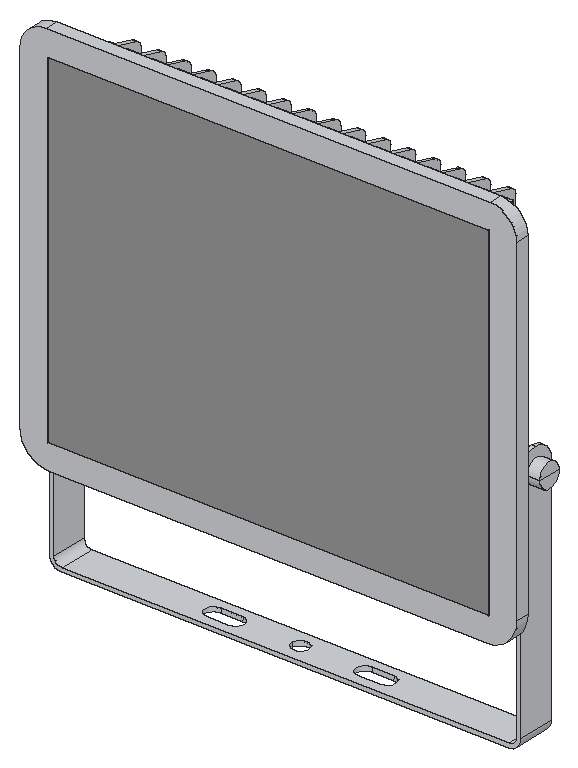
Revit family "0050118", category Lighting Fixtures, Revit 2017
Family settings
  Round Connector Dimension = Use Diameter
  Part Type = Normal
  OmniClass Number = 23.80.70.00
  OmniClass Title = Lighting
  Work Plane-Based = No
  Always vertical = Yes
  Cut with Voids When Loaded = No
  Light Source = Yes
  Shared = No
  Room Calculation Point = No
Parameters (values of type "0050118 ST FLD FLT IP65 5000LM 840 BK")
  Weight = "4.44 kg"
  Wattage = 45 W
  WarrantyStartDate [instance] = "n/a"
  WarrantyGuarantorParts = "n/a"
  WarrantyDurationUnit = "n/a"
  WarrantyDurationParts = "n/a"
  WarrantyDescription = "n/a"
  built-in parameter 1150110 = 1 (stored number, unit not read)
  Voltage = 0 V
  URL = "http://www.sylvania-lighting.com"
  TypeName = "Start Flood Flat IP65 5000LM 840 Black"
  built-in parameter 1114217 = 1 (stored number, unit not read)
  Tilt Angle = 0.00°
  built-in parameter 1150109 = 1 (stored number, unit not read)
  built-in parameter 1150134 = 12
  built-in parameter 1150113 = 1 (stored number, unit not read)
  SerialNumber [instance] = "n/a"
  PowerFactor = 0.9
  PowerConsumption = "45 W"
  Photometric Web File = "0050118.ies"
  NominalWidth = 0 mm
  NominalLength = 151 mm
  NominalHeight = 30 mm
  Name = "Start Flood Flat IP65 5000LM 840 Black"
  ModelReference = "Start Flood Flat IP65 5000LM 840 Black"
  ModelNumber = "0050118"
  Model = "Start Flood Flat IP65 5000LM 840 Black"
  Material_4_FEILO = none
  Material_3_FEILO = none
  Material_2_FEILO = Default New Material
  Material_1_FEILO = none
  Material = "n/a"
  ManufacturerName = "Feilo Sylvania"
  Manufacturer = "Feilo Sylvania"
  LuminousEfficacy = "111 lm/W"
  Lumens = 4995 lm
  LuminaireType = ""
  built-in parameter 1150115 = 1 (stored number, unit not read)
  built-in parameter 1150105 = -9028462.5 (stored number, unit not read)
  LightOutputRatio = "n/a"
  built-in parameter 1150137 = (empty or 0)
  built-in parameter 1150139 = (empty or 0)
  LampsType = "LED"
  LampNominalLuminous = "5000 lm"
  LampMacAdamStep = "5"
  LampColourTemperature = "4000 K"
  LampColourRenderingIndex = "80"
  built-in parameter 1150112 = 1 (stored number, unit not read)
  built-in parameter 1150114 = 1 (stored number, unit not read)
  Lamp = "LED"
  LUM_WIDTH_SYL = 93.5 mm  # constant formula
  LUM_HEIGHT_SYL = 74.5 mm  # constant formula
  LUM_EXTR_ST_SYL = -5 mm
  LUM_EXTR_END_SYL = 0 mm
  LUM_DEPTH_SYL = 30 mm
  Keynote = "16500"
  InstallationDate [instance] = "n/a"
  InputVoltage = "n/a"
  InputNominalFrequency = "n/a"
  built-in parameter 1150132 = 2
  built-in parameter 1150102 = (empty or 0)
  built-in parameter 1150138 = (empty or 0)
  built-in parameter 1150107 = 4000 (stored number, unit not read)
  IngressProtection = "IP65"
  ImpactProtectionIndex = "IK06"
  built-in parameter 1150106 = -90284.6 (stored number, unit not read)
  IfcExportType = "IfcLightFixtureType"
  IfcExportAs = "IfcLightFixtureType"
  ElectricShockClassification = "Class I"
  built-in parameter 1150104 = 10.312 (stored number, unit not read)
  DocumentationLiterature = "http://www.sylvania-lighting.com/product/en-int/products/0050118"
  DimmingControlOptions = "n/a"
  Dimming Lamp Color Temperature Shift = <None>
  DIF_WIDTH_SYL = 83 mm  # constant formula
  DIF_HEIGHT_SYL = 65 mm  # constant formula
  CreatedOn = "12/2/2020"
  CreatedBy = "@sylvania-lighting.com"
  Color Filter = 16777215
  ClassificationValue = "EF_70_80"
  ClassificationName = "Uniclass2015"
  CABLE_SIDE_DIST_SYL = 47 mm
  CABLE_LENGTH_SYL = 5 mm
  CABLE_FRONT_DIST_SYL = 17.5 mm
  CABLES_DIST_SYL = 93 mm
  BarCode [instance] = "n/a"
  built-in parameter 1114218 = 1 (stored number, unit not read)
  B_RAIL_R_DIST_SYL = 7 mm
  B_RAIL_HEIGHT_SYL = 27 mm
  B_RAIL_DEPTH_SYL = 44 mm
  B_RAIL_CHAMFER_SYL = 7 mm
  BRACKET_HOLDER_WIDTH_SYL = 12 mm
  BRACKET_HOLDER_HEIGHT_SYL = 17 mm
  BRACKET_HOLDER_DIST_SIDE_SYL = 2.8 mm
  BRACKET_HOLDER_DIST_BOTT_SYL = 48 mm
  BRACKET_HOLDER_DEPTH_SYL = 5.7 mm
  BOX_WIDTH_SYL = 76.5 mm
  BOX_TOP_DIST_SYL = 10.5 mm
  BOX_DEPTH_SYL = 14 mm
  BOX_BOTT_DIST_SYL = 28 mm
  BACK_RAIL_WIDTH_SYL = 1.4 mm
  BACK_RAIL_SIDE_DIST_SYL = 19 mm
  BACK_PL_EXTR_ST_SYL = -6 mm
  BACK_PL_EXTR_ST(-1)_SYL = BACK_PL_EXTR_ST_SYL * (-1)  # 6 mm
  BACK_PL_EXTR_END_SYL = -3 mm
  BACK_PL_EXTR_END(-1)_SYL = BACK_PL_EXTR_END_SYL * (-1)  # 3 mm
  built-in parameter 1150133 = 10 (stored number, unit not read)
  AssetType = "Fixed"
  AssetIdentifier [instance] = "n/a"
  Assembly Code = "D5020200"
  Apparent Load = 45 VA
  0_18W_SYL = yes
Types (5, lengths in mm): name | TypeName | built-in parameter 1150134 | Photometric Web File | Name | ModelReference | ModelNumber | Model | LuminousEfficacy | Lumens | built-in parameter 1150105 | LampNominalLuminous | LampColourTemperature | built-in parameter 1150107 | built-in parameter 1150106 | built-in parameter 1150104 | DocumentationLiterature
  0050154 ST FLD FLT IP65 5000LM 865 BK | "Start Flood Flat IP65 5000LM 865 Black" | 1 | "0050154.ies" | "Start Flood Flat IP65 5000LM 865 Black" | "Start Flood Flat IP65 5000LM 865 Black" | "0050154" | "Start Flood Flat IP65 5000LM 865 Black" | "111 lm/W" | 4995 lm | -9028462.5 (stored number, unit not read) | "5000 lm" | "6500 K" | 6500 (stored number, unit not read) | -90284.6 (stored number, unit not read) | 10.312 (stored number, unit not read) | "http://www.sylvania-lighting.com/product/en-int/products/0050154"
  0050120 ST FLD FLT IP65 5000LM 840 WH | "Start Flood Flat IP65 5000LM 840 White" | 12 | "0050120.ies" | "Start Flood Flat IP65 5000LM 840 White" | "Start Flood Flat IP65 5000LM 840 White" | "0050120" | "Start Flood Flat IP65 5000LM 840 White" | "111 lm/W" | 4995 lm | -9028462.5 (stored number, unit not read) | "5000 lm" | "4000 K" | 4000 (stored number, unit not read) | -90284.6 (stored number, unit not read) | 10.312 (stored number, unit not read) | "http://www.sylvania-lighting.com/product/en-int/products/0050120"
  0050119 ST FLD FLT IP65 4650LM 830 WH | "Start Flood Flat IP65 4650LM 830 White" | (empty or 0) | "0050119.ies" | "Start Flood Flat IP65 4650LM 830 White" | "Start Flood Flat IP65 4650LM 830 White" | "0050119" | "Start Flood Flat IP65 4650LM 830 White" | "103 lm/W" | 4635 lm | -7791342.3 (stored number, unit not read) | "4650 lm" | "3000 K" | 3000 (stored number, unit not read) | -77913.4 (stored number, unit not read) | 9.569 (stored number, unit not read) | "http://www.sylvania-lighting.com/product/en-int/products/0050119"
  0050118 ST FLD FLT IP65 5000LM 840 BK | "Start Flood Flat IP65 5000LM 840 Black" | 12 | "0050118.ies" | "Start Flood Flat IP65 5000LM 840 Black" | "Start Flood Flat IP65 5000LM 840 Black" | "0050118" | "Start Flood Flat IP65 5000LM 840 Black" | "111 lm/W" | 4995 lm | -9028462.5 (stored number, unit not read) | "5000 lm" | "4000 K" | 4000 (stored number, unit not read) | -90284.6 (stored number, unit not read) | 10.312 (stored number, unit not read) | "http://www.sylvania-lighting.com/product/en-int/products/0050118"
  0050117 ST FLD FLT IP65 4650LM 830 BK | "Start Flood Flat IP65 4650LM 830 Black" | (empty or 0) | "0050117.ies" | "Start Flood Flat IP65 4650LM 830 Black" | "Start Flood Flat IP65 4650LM 830 Black" | "0050117" | "Start Flood Flat IP65 4650LM 830 Black" | "103 lm/W" | 4635 lm | -7791342.3 (stored number, unit not read) | "4650 lm" | "3000 K" | 3000 (stored number, unit not read) | -77913.4 (stored number, unit not read) | 9.569 (stored number, unit not read) | "http://www.sylvania-lighting.com/product/en-int/products/0050117"
Reference planes
  plane 1 "Light Source Axis (F/B)": y = 0
  plane 2: z = 0
  plane 3 "Light Source Axis (L/R)": x = 0
  plane 4 "Light Source Elevation": z = -0.469
  plane 5: x = 93.5
  plane 6: x = -93.5
  plane 7: z = 74.5
  plane 8: z = -74.5
  plane 9: x = 83
  plane 10: x = -83
  plane 11: z = 65
  plane 12: z = -65
  plane 13: y = 6
  plane 14: y = 3
  plane 15: x = -76.5
  plane 16: x = 76.5
  plane 17: y = 20
  plane 18: z = 64
  plane 19: z = -46.5
  plane 20: y = 30
  plane 21: z = -26.5
  plane 22: z = -14.5
  plane 23: y = 21
  plane 24: x = 54.2
  plane 25: x = 39.5
  plane 26: x = 46.5
  plane 27: x = -46.5
  plane 28: y = 14
  plane 29: z = -38
  plane 30: y = 27
  plane 31: z = -2.5
  plane 32: z = -9.5
  plane 33: x = 74.5
  plane 34: x = 73.1
  plane 35: x = 66.1
  plane 36: x = 20.8
  plane 37: x = 13.8
  plane 38: x = 12.4
  plane 39: x = 5.4
  plane 40: x = 4
  plane 41: z = -50.4
  plane 42: x = -71.3
  plane 43: x = -69.7
  plane 44: x = 87.1
  plane 45: x = 80.1
  plane 46: z = -76.1
Forms (mm)
  Extrusion 1, solid
    sketch origin (0, 0, 0) x (1, 0, 0) y (0, 0, 1)
      loop
        arc (-83.5, 74.5) -> (-90.571, 71.571) -> (-93.5, 64.5) r 10
        line (-93.5, 64.5) -> (-93.5, -63)
        arc (-93.5, -63) -> (-90.132, -71.132) -> (-82, -74.5) r 11.5
        line (-82, -74.5) -> (82, -74.5)
        arc (82, -74.5) -> (90.132, -71.132) -> (93.5, -63) r 11.5
        line (93.5, -63) -> (93.5, 64.5)
        arc (93.5, 64.5) -> (90.571, 71.571) -> (83.5, 74.5) r 10
        line (83.5, 74.5) -> (-83.5, 74.5)
      loop
        line (-83, 65) -> (-83, -65) -> (83, -65) -> (83, 65) -> (-83, 65)
    from -5 <- "LUM_EXTR_ST_SYL" to 0 <- "LUM_EXTR_END_SYL"
  Extrusion 2, solid, material "Default New Material" <- "Material_2_FEILO"
    sketch origin (0, 0, 0) x (1, 0, 0) y (0, 0, 1)
      loop
        line (-83, 65) -> (-83, -65) -> (83, -65) -> (83, 65) -> (-83, 65)
    from -3 <- "BACK_PL_EXTR_END_SYL" to 0 <- "LUM_EXTR_END_SYL"
  Extrusion 3, solid
    sketch origin (0, 0, 0) x (1, 0, 0) y (0, 0, 1)
      loop
        line (83, 65) -> (-83, 65) -> (-83, -65) -> (83, -65) -> (83, 65)
    from -6 <- "BACK_PL_EXTR_ST_SYL" to -3 <- "BACK_PL_EXTR_END_SYL"
  Extrusion 4, solid
    sketch origin (0, 0, 0) x (1, 0, 0) y (0, 1, 0)
      loop
        arc (-75.5, 20) -> (-76.207, 19.707) -> (-76.5, 19) r 1
        line (-76.5, 19) -> (-76.5, 6) -> (76.5, 6) -> (76.5, 19)
        arc (76.5, 19) -> (76.207, 19.707) -> (75.5, 20) r 1
        line (75.5, 20) -> (-75.5, 20)
    from -46.5 to 64
  Extrusion 5, solid
    sketch origin (0, 0, 0) x (1, 0, 0) y (0, 1, 0)
      loop
        arc (-66.5, 30) -> (-73.571, 27.071) -> (-76.5, 20) r 10
        line (-76.5, 20) -> (-76.5, 6) -> (76.5, 6) -> (76.5, 20)
        arc (76.5, 20) -> (73.571, 27.071) -> (66.5, 30) r 10
        line (66.5, 30) -> (-66.5, 30)
    from -65 to -46.5
  Extrusion 6, solid
    sketch origin (0, 0, 0) x (0, 1, 0) y (0, 0, 1)
      loop
        line (5, -14.5) -> (5, -26.5) -> (15, -26.5)
        arc (15, -26.5) -> (19.243, -24.743) -> (21, -20.5) r 6
        arc (21, -20.5) -> (19.243, -16.257) -> (15, -14.5) r 6
        line (15, -14.5) -> (5, -14.5)
      loop
        circle (15, -20.5) r 2.5
    from 80.1 to 87.1
  Extrusion 7, solid
    sketch origin (0, 0, 0) x (1, 0, 0) y (0, 1, 0)
      loop
        circle (-46.5, 14) r 7
      loop
        circle (46.5, 14) r 9
    from -59.1 to -76.1
  Extrusion 8, solid
    sketch origin (75.017, 5.639, -10.469) x (0, 1, 0) y (0, 0, 1)
      loop
        line (-0.625, -36.469) -> (21.299, -36.469) -> (21.299, 71.149)
        arc (21.299, 71.149) -> (20.908, 73.206) -> (19.238, 74.469) r 2.911
        line (19.238, 74.469) -> (-0.625, 80.168) -> (-0.625, 15.688) -> (-0.625, -36.469)
    from -146.317 to -144.717
  Extrusion 9, solid
    sketch origin (-75.017, 5.639, -10.469) x (0, 1, 0) y (0, 0, -1)
      loop
        line (-0.625, 36.469) -> (-0.625, -15.688) -> (-0.625, -80.168) -> (19.238, -74.469)
        arc (19.238, -74.469) -> (20.908, -73.206) -> (21.299, -71.149) r 2.911
        line (21.299, -71.149) -> (21.299, 36.469) -> (-0.625, 36.469)
    from -146.317 to -144.717
  Extrusion 10, solid
    sketch origin (216.017, 5.639, -10.469) x (0, 1, 0) y (0, 0, 1)
      loop
        line (-0.625, -36.469) -> (21.299, -36.469) -> (21.299, 71.149)
        arc (21.299, 71.149) -> (20.908, 73.206) -> (19.238, 74.469) r 2.911
        line (19.238, 74.469) -> (-0.625, 80.168) -> (-0.625, 15.688) -> (-0.625, -36.469)
    from -146.317 to -144.717
  Extrusion 11, solid
    sketch origin (84.417, 5.639, -10.469) x (0, 1, 0) y (0, 0, 1)
      loop
        line (-0.625, -36.469) -> (21.299, -36.469) -> (21.299, 71.149)
        arc (21.299, 71.149) -> (20.908, 73.206) -> (19.238, 74.469) r 2.911
        line (19.238, 74.469) -> (-0.625, 80.168) -> (-0.625, 15.688) -> (-0.625, -36.469)
    from -146.317 to -144.717
  Extrusion 12, solid
    sketch origin (93.817, 5.639, -10.469) x (0, 1, 0) y (0, 0, 1)
      loop
        line (-0.625, -36.469) -> (21.299, -36.469) -> (21.299, 71.149)
        arc (21.299, 71.149) -> (20.908, 73.206) -> (19.238, 74.469) r 2.911
        line (19.238, 74.469) -> (-0.625, 80.168) -> (-0.625, 15.688) -> (-0.625, -36.469)
    from -146.317 to -144.717
  Extrusion 13, solid
    sketch origin (103.217, 5.639, -10.469) x (0, 1, 0) y (0, 0, 1)
      loop
        line (-0.625, -36.469) -> (21.299, -36.469) -> (21.299, 71.149)
        arc (21.299, 71.149) -> (20.908, 73.206) -> (19.238, 74.469) r 2.911
        line (19.238, 74.469) -> (-0.625, 80.168) -> (-0.625, 15.688) -> (-0.625, -36.469)
    from -146.317 to -144.717
  Extrusion 14, solid
    sketch origin (112.617, 5.639, -10.469) x (0, 1, 0) y (0, 0, 1)
      loop
        line (-0.625, -36.469) -> (21.299, -36.469) -> (21.299, 71.149)
        arc (21.299, 71.149) -> (20.908, 73.206) -> (19.238, 74.469) r 2.911
        line (19.238, 74.469) -> (-0.625, 80.168) -> (-0.625, 15.688) -> (-0.625, -36.469)
    from -146.317 to -144.717
  Extrusion 15, solid
    sketch origin (122.017, 5.639, -10.469) x (0, 1, 0) y (0, 0, 1)
      loop
        line (-0.625, -36.469) -> (21.299, -36.469) -> (21.299, 71.149)
        arc (21.299, 71.149) -> (20.908, 73.206) -> (19.238, 74.469) r 2.911
        line (19.238, 74.469) -> (-0.625, 80.168) -> (-0.625, 15.688) -> (-0.625, -36.469)
    from -146.317 to -144.717
  Extrusion 16, solid
    sketch origin (131.417, 5.639, -10.469) x (0, 1, 0) y (0, 0, 1)
      loop
        line (-0.625, -36.469) -> (21.299, -36.469) -> (21.299, 71.149)
        arc (21.299, 71.149) -> (20.908, 73.206) -> (19.238, 74.469) r 2.911
        line (19.238, 74.469) -> (-0.625, 80.168) -> (-0.625, 15.688) -> (-0.625, -36.469)
    from -146.317 to -144.717
  Extrusion 17, solid
    sketch origin (140.817, 5.639, -10.469) x (0, 1, 0) y (0, 0, 1)
      loop
        line (-0.625, -36.469) -> (21.299, -36.469) -> (21.299, 71.149)
        arc (21.299, 71.149) -> (20.908, 73.206) -> (19.238, 74.469) r 2.911
        line (19.238, 74.469) -> (-0.625, 80.168) -> (-0.625, 15.688) -> (-0.625, -36.469)
    from -146.317 to -144.717
  Extrusion 18, solid
    sketch origin (150.217, 5.639, -10.469) x (0, 1, 0) y (0, 0, 1)
      loop
        line (-0.625, -36.469) -> (21.299, -36.469) -> (21.299, 71.149)
        arc (21.299, 71.149) -> (20.908, 73.206) -> (19.238, 74.469) r 2.911
        line (19.238, 74.469) -> (-0.625, 80.168) -> (-0.625, 15.688) -> (-0.625, -36.469)
    from -146.317 to -144.717
  Extrusion 19, solid
    sketch origin (159.617, 5.639, -10.469) x (0, 1, 0) y (0, 0, 1)
      loop
        line (-0.625, -36.469) -> (21.299, -36.469) -> (21.299, 71.149)
        arc (21.299, 71.149) -> (20.908, 73.206) -> (19.238, 74.469) r 2.911
        line (19.238, 74.469) -> (-0.625, 80.168) -> (-0.625, 15.688) -> (-0.625, -36.469)
    from -146.317 to -144.717
  Extrusion 20, solid
    sketch origin (169.017, 5.639, -10.469) x (0, 1, 0) y (0, 0, 1)
      loop
        line (-0.625, -36.469) -> (21.299, -36.469) -> (21.299, 71.149)
        arc (21.299, 71.149) -> (20.908, 73.206) -> (19.238, 74.469) r 2.911
        line (19.238, 74.469) -> (-0.625, 80.168) -> (-0.625, 15.688) -> (-0.625, -36.469)
    from -146.317 to -144.717
  Extrusion 21, solid
    sketch origin (178.417, 5.639, -10.469) x (0, 1, 0) y (0, 0, 1)
      loop
        line (-0.625, -36.469) -> (21.299, -36.469) -> (21.299, 71.149)
        arc (21.299, 71.149) -> (20.908, 73.206) -> (19.238, 74.469) r 2.911
        line (19.238, 74.469) -> (-0.625, 80.168) -> (-0.625, 15.688) -> (-0.625, -36.469)
    from -146.317 to -144.717
  Extrusion 22, solid
    sketch origin (187.817, 5.639, -10.469) x (0, 1, 0) y (0, 0, 1)
      loop
        line (-0.625, -36.469) -> (21.299, -36.469) -> (21.299, 71.149)
        arc (21.299, 71.149) -> (20.908, 73.206) -> (19.238, 74.469) r 2.911
        line (19.238, 74.469) -> (-0.625, 80.168) -> (-0.625, 15.688) -> (-0.625, -36.469)
    from -146.317 to -144.717
  Extrusion 23, solid
    sketch origin (197.217, 5.639, -10.469) x (0, 1, 0) y (0, 0, 1)
      loop
        line (-0.625, -36.469) -> (21.299, -36.469) -> (21.299, 71.149)
        arc (21.299, 71.149) -> (20.908, 73.206) -> (19.238, 74.469) r 2.911
        line (19.238, 74.469) -> (-0.625, 80.168) -> (-0.625, 15.688) -> (-0.625, -36.469)
    from -146.317 to -144.717
  Extrusion 24, solid
    sketch origin (206.617, 5.639, -10.469) x (0, 1, 0) y (0, 0, 1)
      loop
        line (-0.625, -36.469) -> (21.299, -36.469) -> (21.299, 71.149)
        arc (21.299, 71.149) -> (20.908, 73.206) -> (19.238, 74.469) r 2.911
        line (19.238, 74.469) -> (-0.625, 80.168) -> (-0.625, 15.688) -> (-0.625, -36.469)
    from -146.317 to -144.717
  Extrusion 25, solid
    sketch origin (0, 0, 0) x (0, 1, 0) y (0, 0, -1)
      loop
        line (5, 14.5) -> (15, 14.5)
        arc (15, 14.5) -> (19.243, 16.257) -> (21, 20.5) r 6
        arc (21, 20.5) -> (19.243, 24.743) -> (15, 26.5) r 6
        line (15, 26.5) -> (5, 26.5) -> (5, 14.5)
      loop
        circle (15, 20.5) r 2.5
    from 80.1 to 87.1
Cuts and joins
  joined: Extrusion 1, Extrusion 3, Extrusion 4, Extrusion 5
Dimensions and locks
  "LUM_WIDTH_SYL": plane 5 to plane 3 "Light Source Axis (L/R)" to plane 6
  "LUM_HEIGHT_SYL": plane 7 to plane 2 to plane 8
  "DIF_WIDTH_SYL": plane 9 to plane 3 "Light Source Axis (L/R)" to plane 10
  "DIF_HEIGHT_SYL": plane 11 to plane 2 to plane 12
  "BACK_PL_EXTR_ST(-1)_SYL": plane 1 "Light Source Axis (F/B)" to plane 13
  "BACK_PL_EXTR_END(-1)_SYL": plane 1 "Light Source Axis (F/B)" to plane 14
  "BOX_WIDTH_SYL": plane 15 to plane 3 "Light Source Axis (L/R)" to plane 16
  "BOX_DEPTH_SYL": plane 13 to plane 17
  "BOX_TOP_DIST_SYL": plane 18 to plane 7
  "BOX_BOTT_DIST_SYL": plane 8 to plane 19
  "LUM_DEPTH_SYL": plane 1 "Light Source Axis (F/B)" to plane 20
  "BRACKET_HOLDER_DIST_BOTT_SYL": plane 21 to plane 8
  "BRACKET_HOLDER_WIDTH_SYL": plane 22 to plane 21
  cut or joined group of Extrusion 1, Extrusion 3, Extrusion 4, Extrusion 5 to plane 23 = 15 mm
  cut or joined group of Extrusion 1, Extrusion 3, Extrusion 4, Extrusion 5 to plane 24 = 39.3 mm
  plane 25 to plane 24 = 14.7 mm
  "CABLES_DIST_SYL": plane 27 to plane 26
  "CABLE_SIDE_DIST_SYL": plane 26 to plane 5
  cut or joined group of Extrusion 1, Extrusion 3, Extrusion 4, Extrusion 5 to plane 28 = 14 mm
  "B_RAIL_HEIGHT_SYL": plane 30 to plane 1 "Light Source Axis (F/B)"
  "B_RAIL_DEPTH_SYL": plane 31 to plane 19
  "B_RAIL_CHAMFER_SYL": plane 31 to plane 32
  "BACK_RAIL_SIDE_DIST_SYL": plane 5 to plane 33
  "BACK_RAIL_WIDTH_SYL": plane 33 to plane 34
  "B_RAIL_R_DIST_SYL": plane 34 to plane 35
  "B_RAIL_R_DIST_SYL": plane 36 to plane 37
  "BACK_RAIL_WIDTH_SYL": plane 37 to plane 38
  "BACK_RAIL_WIDTH_SYL": plane 39 to plane 40
  "B_RAIL_R_DIST_SYL": plane 38 to plane 39
  plane 35 to plane 26 = 19.6 mm
  equal spacing: group 1, group 3, group 4, group 5, group 6, group 7, group 8, group 9, group 10, group 11, group 12, group 13, group 14, group 15, group 16, group 2  (x3)
  aligned and locked: plane 4 "Light Source Elevation" to imposter light
  aligned and locked: level to plane 2
  aligned and locked: Extrusion 1 sketch curve to plane 7
  aligned and locked: plane 6 to Extrusion 1 sketch curve
  aligned and locked: plane 8 to Extrusion 1 sketch curve
  aligned and locked: Extrusion 1 sketch curve to plane 5
  aligned and locked: Extrusion 1 sketch curve to plane 11
  aligned and locked: plane 10 to Extrusion 1 sketch curve
  aligned and locked: plane 12 to Extrusion 1 sketch curve
  aligned and locked: Extrusion 1 sketch curve to plane 9
  aligned and locked: Extrusion 2 sketch curve to Extrusion 1  (x4)
  aligned and locked: Extrusion 3 sketch curve to Extrusion 1  (x4)
  aligned and locked: Extrusion 3 to Extrusion 2
  aligned and locked: plane 17 to Extrusion 4 sketch curve
  aligned and locked: plane 15 to Extrusion 4 sketch curve
  aligned and locked: Extrusion 4 sketch curve to plane 13
  aligned and locked: Extrusion 4 sketch curve to plane 16
  aligned and locked: plane 18 to Extrusion 4
  aligned and locked: Extrusion 4 to plane 19
  aligned and locked: plane 20 to Extrusion 5 sketch curve
  aligned and locked: plane 15 to Extrusion 5 sketch curve
  aligned and locked: cut or joined group of Extrusion 1, Extrusion 3, Extrusion 4, Extrusion 5 to Extrusion 5 sketch curve
  aligned and locked: Extrusion 5 sketch curve to cut or joined group of Extrusion 1, Extrusion 3, Extrusion 4, Extrusion 5
  aligned and locked: plane 19 to Extrusion 5
  aligned and locked: Extrusion 5 to plane 12
  aligned and locked: Extrusion 6 sketch curve to plane 22
  aligned and locked: plane 21 to Extrusion 6 sketch curve
  aligned and locked: Extrusion 6 to cut or joined group of Extrusion 1, Extrusion 3, Extrusion 4, Extrusion 5
  aligned and locked: Extrusion 8 to plane 42
  aligned and locked: Extrusion 8 to plane 43
  aligned and locked: Extrusion 6 to plane 44
  aligned and locked: plane 45 to Extrusion 6
  aligned and locked: Extrusion 7 to plane 46
Automatic sketch dimensions
  Extrusion 8 sketch curve to Extrusion 8 sketch curve = 19.06 mm
  Extrusion 8 sketch curve to Extrusion 8 sketch curve = 0.803 mm
  Extrusion 8 sketch curve to Extrusion 8 sketch curve = 21.924 mm
  Extrusion 8 sketch curve to Extrusion 8 sketch curve = 52.156 mm
  Extrusion 8 sketch curve to Extrusion 8 sketch curve = 55.461 mm
  Extrusion 8 sketch curve to Extrusion 8 sketch curve = 0.521 mm
  Extrusion 10 sketch curve to Extrusion 10 sketch curve = 19.06 mm
  Extrusion 10 sketch curve to Extrusion 10 sketch curve = 0.803 mm
  Extrusion 10 sketch curve to Extrusion 10 sketch curve = 21.924 mm
  Extrusion 10 sketch curve to Extrusion 10 sketch curve = 52.156 mm
  Extrusion 10 sketch curve to Extrusion 10 sketch curve = 55.461 mm
  Extrusion 10 sketch curve to Extrusion 10 sketch curve = 0.521 mm
  Extrusion 11 sketch curve to Extrusion 11 sketch curve = 19.06 mm
  Extrusion 11 sketch curve to Extrusion 11 sketch curve = 0.803 mm
  Extrusion 11 sketch curve to Extrusion 11 sketch curve = 21.924 mm
  Extrusion 11 sketch curve to Extrusion 11 sketch curve = 52.156 mm
  Extrusion 11 sketch curve to Extrusion 11 sketch curve = 55.461 mm
  Extrusion 11 sketch curve to Extrusion 11 sketch curve = 0.521 mm
  Extrusion 12 sketch curve to Extrusion 12 sketch curve = 19.06 mm
  Extrusion 12 sketch curve to Extrusion 12 sketch curve = 0.803 mm
  Extrusion 12 sketch curve to Extrusion 12 sketch curve = 21.924 mm
  Extrusion 12 sketch curve to Extrusion 12 sketch curve = 52.156 mm
  Extrusion 12 sketch curve to Extrusion 12 sketch curve = 55.461 mm
  Extrusion 12 sketch curve to Extrusion 12 sketch curve = 0.521 mm
  Extrusion 13 sketch curve to Extrusion 13 sketch curve = 19.06 mm
  Extrusion 13 sketch curve to Extrusion 13 sketch curve = 0.803 mm
  Extrusion 13 sketch curve to Extrusion 13 sketch curve = 21.924 mm
  Extrusion 13 sketch curve to Extrusion 13 sketch curve = 52.156 mm
  Extrusion 13 sketch curve to Extrusion 13 sketch curve = 55.461 mm
  Extrusion 13 sketch curve to Extrusion 13 sketch curve = 0.521 mm
  Extrusion 14 sketch curve to Extrusion 14 sketch curve = 19.06 mm
  Extrusion 14 sketch curve to Extrusion 14 sketch curve = 0.803 mm
  Extrusion 14 sketch curve to Extrusion 14 sketch curve = 21.924 mm
  Extrusion 14 sketch curve to Extrusion 14 sketch curve = 52.156 mm
  Extrusion 14 sketch curve to Extrusion 14 sketch curve = 55.461 mm
  Extrusion 14 sketch curve to Extrusion 14 sketch curve = 0.521 mm
  Extrusion 15 sketch curve to Extrusion 15 sketch curve = 19.06 mm
  Extrusion 15 sketch curve to Extrusion 15 sketch curve = 0.803 mm
  Extrusion 15 sketch curve to Extrusion 15 sketch curve = 21.924 mm
  Extrusion 15 sketch curve to Extrusion 15 sketch curve = 52.156 mm
  Extrusion 15 sketch curve to Extrusion 15 sketch curve = 55.461 mm
  Extrusion 15 sketch curve to Extrusion 15 sketch curve = 0.521 mm
  Extrusion 16 sketch curve to Extrusion 16 sketch curve = 19.06 mm
  Extrusion 16 sketch curve to Extrusion 16 sketch curve = 0.803 mm
  Extrusion 16 sketch curve to Extrusion 16 sketch curve = 21.924 mm
  Extrusion 16 sketch curve to Extrusion 16 sketch curve = 52.156 mm
  Extrusion 16 sketch curve to Extrusion 16 sketch curve = 55.461 mm
  Extrusion 16 sketch curve to Extrusion 16 sketch curve = 0.521 mm
  Extrusion 17 sketch curve to Extrusion 17 sketch curve = 19.06 mm
  Extrusion 17 sketch curve to Extrusion 17 sketch curve = 0.803 mm
  Extrusion 17 sketch curve to Extrusion 17 sketch curve = 21.924 mm
  Extrusion 17 sketch curve to Extrusion 17 sketch curve = 52.156 mm
  Extrusion 17 sketch curve to Extrusion 17 sketch curve = 55.461 mm
  Extrusion 17 sketch curve to Extrusion 17 sketch curve = 0.521 mm
  Extrusion 18 sketch curve to Extrusion 18 sketch curve = 19.06 mm
  Extrusion 18 sketch curve to Extrusion 18 sketch curve = 0.803 mm
  Extrusion 18 sketch curve to Extrusion 18 sketch curve = 21.924 mm
  Extrusion 18 sketch curve to Extrusion 18 sketch curve = 52.156 mm
  Extrusion 18 sketch curve to Extrusion 18 sketch curve = 55.461 mm
  Extrusion 18 sketch curve to Extrusion 18 sketch curve = 0.521 mm
  Extrusion 19 sketch curve to Extrusion 19 sketch curve = 19.06 mm
  Extrusion 19 sketch curve to Extrusion 19 sketch curve = 0.803 mm
  Extrusion 19 sketch curve to Extrusion 19 sketch curve = 21.924 mm
  Extrusion 19 sketch curve to Extrusion 19 sketch curve = 52.156 mm
  Extrusion 19 sketch curve to Extrusion 19 sketch curve = 55.461 mm
  Extrusion 19 sketch curve to Extrusion 19 sketch curve = 0.521 mm
  Extrusion 20 sketch curve to Extrusion 20 sketch curve = 19.06 mm
  Extrusion 20 sketch curve to Extrusion 20 sketch curve = 0.803 mm
  Extrusion 20 sketch curve to Extrusion 20 sketch curve = 21.924 mm
  Extrusion 20 sketch curve to Extrusion 20 sketch curve = 52.156 mm
  Extrusion 20 sketch curve to Extrusion 20 sketch curve = 55.461 mm
  Extrusion 20 sketch curve to Extrusion 20 sketch curve = 0.521 mm
  Extrusion 21 sketch curve to Extrusion 21 sketch curve = 19.06 mm
  Extrusion 21 sketch curve to Extrusion 21 sketch curve = 0.803 mm
  Extrusion 21 sketch curve to Extrusion 21 sketch curve = 21.924 mm
  Extrusion 21 sketch curve to Extrusion 21 sketch curve = 52.156 mm
  Extrusion 21 sketch curve to Extrusion 21 sketch curve = 55.461 mm
  Extrusion 21 sketch curve to Extrusion 21 sketch curve = 0.521 mm
  Extrusion 22 sketch curve to Extrusion 22 sketch curve = 19.06 mm
  Extrusion 22 sketch curve to Extrusion 22 sketch curve = 0.803 mm
  Extrusion 22 sketch curve to Extrusion 22 sketch curve = 21.924 mm
  Extrusion 22 sketch curve to Extrusion 22 sketch curve = 52.156 mm
  Extrusion 22 sketch curve to Extrusion 22 sketch curve = 55.461 mm
  Extrusion 22 sketch curve to Extrusion 22 sketch curve = 0.521 mm
  Extrusion 23 sketch curve to Extrusion 23 sketch curve = 19.06 mm
  Extrusion 23 sketch curve to Extrusion 23 sketch curve = 0.803 mm
  Extrusion 23 sketch curve to Extrusion 23 sketch curve = 21.924 mm
  Extrusion 23 sketch curve to Extrusion 23 sketch curve = 52.156 mm
  Extrusion 23 sketch curve to Extrusion 23 sketch curve = 55.461 mm
  Extrusion 23 sketch curve to Extrusion 23 sketch curve = 0.521 mm
  Extrusion 24 sketch curve to Extrusion 24 sketch curve = 19.06 mm
  Extrusion 24 sketch curve to Extrusion 24 sketch curve = 0.803 mm
  Extrusion 24 sketch curve to Extrusion 24 sketch curve = 21.924 mm
  Extrusion 24 sketch curve to Extrusion 24 sketch curve = 52.156 mm
  Extrusion 24 sketch curve to Extrusion 24 sketch curve = 55.461 mm
  Extrusion 24 sketch curve to Extrusion 24 sketch curve = 0.521 mm
  Extrusion 1 sketch curve to plane 10 = 0.5 mm
  plane 10 to Extrusion 1 sketch curve = 1 mm
  Extrusion 1 sketch curve to plane 9 = 1 mm
  plane 9 to Extrusion 1 sketch curve = 0.5 mm
  plane 15 to Extrusion 4 sketch curve = 1 mm
  Extrusion 4 sketch curve to plane 16 = 1 mm
  Extrusion 5 sketch curve to plane 15 = 0 mm
  plane 17 to Extrusion 5 sketch curve = 0 mm  (x2)
  Extrusion 6 sketch curve to Extrusion 6 sketch curve = 0 mm  (x5)
  Extrusion 6 sketch curve to plane 23 = 0 mm
  plane 13 to Extrusion 6 sketch curve = 1 mm
  Extrusion 7 sketch curve to plane 27 = 0 mm
  Extrusion 7 sketch curve to plane 26 = 0 mm
  Extrusion 7 sketch curve to plane 28 = 0 mm  (x2)
  Extrusion 9 sketch curve to plane 18 = 0 mm
  Extrusion 9 sketch curve to plane 19 = 0.438 mm
  plane 13 to Extrusion 9 sketch curve = 0.986 mm
  plane 30 to Extrusion 9 sketch curve = 2.927 mm
  plane 30 to Extrusion 9 sketch curve = 2.124 mm
  plane 30 to Extrusion 9 sketch curve = 0.062 mm
  Extrusion 9 sketch curve to plane 7 = 4.801 mm
  level to Extrusion 9 sketch curve = 5.219 mm
  Extrusion 25 sketch curve to Extrusion 25 sketch curve = 0 mm  (x6)
  Extrusion 25 sketch curve to plane 21 = 0 mm
  Extrusion 25 sketch curve to plane 22 = 0 mm
  Extrusion 25 sketch curve to plane 23 = 0 mm
  plane 13 to Extrusion 25 sketch curve = 1 mm
  radius of Extrusion 6 sketch curve = 2.5 mm
  radius of Extrusion 7 sketch curve = 7 mm
  radius of Extrusion 7 sketch curve = 9 mm
  radius of Extrusion 25 sketch curve = 2.5 mm
Nested families
  nested 1: "START Flood Flat - 45W_bracket" at (0, 15.031, -74.969), type "START Flood Flat - 45W_bracket"
  nested 2: "bolt" at (88.6, 15.031, -20.508), type "bolt"
  nested 3: "bolt" at (-88.6, 15.031, -20.469) x (-1, 0, 0) z (0, 0, 1), type "bolt"
Definition of nested family "START Flood Flat - 45W_bracket"
  Parameters (values of type "START Flood Flat - 45W_bracket")
    WIDTH_SYL = 177.2 mm
    THICKNESS_SYL = 1.5 mm
    Material_4_SYL = none
    Material_3_SYL = none
    Material_2_SYL = none
    Material_1_SYL = none
    HOLE_DIST_SYL = 8.5 mm
    HOLE2_DIST_SYL = 8 mm
    HEIGHT_SYL = 100 mm
    HALF_SYL = WIDTH_SYL / 2  # 88.6 mm
    FILLET_SYL = 7 mm
    DEPTH_2_SYL = -7 mm
    DEPTH_1_SYL = 7 mm
    CUTOUT_DIST_SYL = 24.2 mm
  Reference planes
    plane 1 "Center (Front/Back)": y = 0
    plane 2: z = 0
    plane 3 "Center (Left/Right)": x = 0
    plane 4: x = -88.6
    plane 5: x = 88.6
    plane 6: z = -37.5
    plane 7: z = 62.5
    plane 8: x = -87.1
    plane 9: z = -36
    plane 10: x = 87.1
    plane 11: z = 54.5
    plane 12: z = 55.5
    plane 13: x = 24.2
    plane 14: x = -24.2
    plane 15: x = 32.7
    plane 16: x = -32.7
  Forms (mm)
    Extrusion 1, solid
      sketch origin (0, 0, 0) x (1, 0, 0) y (0, 0, 1)
        loop
          arc (-88.6, -33) -> (-87.282, -36.182) -> (-84.1, -37.5) r 4.5
          line (-84.1, -37.5) -> (84.1, -37.5)
          arc (84.1, -37.5) -> (87.282, -36.182) -> (88.6, -33) r 4.5
          line (88.6, -33) -> (88.6, 62.5) -> (87.1, 62.5) -> (87.1, -33)
          arc (87.1, -33) -> (86.221, -35.121) -> (84.1, -36) r 3
          line (84.1, -36) -> (-84.1, -36)
          arc (-84.1, -36) -> (-86.221, -35.121) -> (-87.1, -33) r 3
          line (-87.1, -33) -> (-87.1, 62.5) -> (-88.6, 62.5) -> (-88.6, -33)
      from -7 <- "DEPTH_2_SYL" to 7 <- "DEPTH_1_SYL"
    Extrusion 2, void
      sketch origin (0, 0, 0) x (0, 1, 0) y (0, 0, 1)
        loop
          circle (0, 54.5) r 3.15
      from -88.6 to 88.6
    Extrusion 3, void
      sketch origin (0, 0, 0) x (0, 1, 0) y (0, 0, 1)
        loop
          line (7, 55.5) -> (14.83, 68.08) -> (-15.17, 68.08) -> (-7, 55.5)
          arc (-7, 55.5) -> (-4.95, 60.45) -> (0, 62.5) r 7
          arc (0, 62.5) -> (4.95, 60.45) -> (7, 55.5) r 7
      from -88.6 to 88.6
    Extrusion 4, void
      sketch origin (0, 0, 0) x (1, 0, 0) y (0, 1, 0)
        loop
          circle (0, 0) r 3.25
        loop
          arc (-32.7, 3.25) -> (-35.95, 0) -> (-32.7, -3.25) r 3.25
          line (-32.7, -3.25) -> (-24.2, -3.25)
          arc (-24.2, -3.25) -> (-20.95, 0) -> (-24.2, 3.25) r 3.25
          line (-24.2, 3.25) -> (-32.7, 3.25)
        loop
          line (24.2, -3.25) -> (32.7, -3.25)
          arc (32.7, -3.25) -> (35.95, 0) -> (32.7, 3.25) r 3.25
          line (32.7, 3.25) -> (24.2, 3.25)
          arc (24.2, 3.25) -> (20.95, 0) -> (24.2, -3.25) r 3.25
      from -54.767 to -28.006
  Cuts and joins
    Extrusion 2, Extrusion 3, Extrusion 4 cuts Extrusion 1
  Dimensions and locks
    "THICKNESS_SYL": plane 8 to plane 4
    "THICKNESS_SYL": plane 5 to plane 10
    "WIDTH_SYL": plane 5 to plane 4
    "HEIGHT_SYL": plane 7 to plane 6
    "FILLET_SYL": plane 7 to plane 12
    "CUTOUT_DIST_SYL": plane 14 to plane 3 "Center (Left/Right)" to plane 13
    "HOLE_DIST_SYL": plane 16 to plane 14
    "HOLE_DIST_SYL": plane 13 to plane 15
    "HOLE2_DIST_SYL": plane 7 to plane 11
    "HALF_SYL": plane 4 to plane 3 "Center (Left/Right)"
    aligned and locked: level to plane 2
    aligned and locked: plane 4 to Extrusion 1 sketch curve
    aligned and locked: plane 6 to Extrusion 1 sketch curve
    aligned and locked: Extrusion 1 sketch curve to plane 5
    aligned and locked: plane 8 to Extrusion 1 sketch curve
    aligned and locked: plane 9 to Extrusion 1 sketch curve
    aligned and locked: Extrusion 1 sketch curve to plane 10
    aligned and locked: plane 7 to Extrusion 1 sketch curve  (x2)
    aligned and locked: Extrusion 1 to Extrusion 2  (x2)
    aligned and locked: Extrusion 1 to Extrusion 3
    aligned and locked: Extrusion 3 to Extrusion 1
  Automatic sketch dimensions
    Extrusion 1 sketch curve to Extrusion 1 sketch curve = 0 mm
    plane 8 to Extrusion 1 sketch curve = 3 mm
    Extrusion 1 sketch curve to plane 10 = 3 mm
    Extrusion 1 sketch curve to Extrusion 1 sketch curve = 3 mm
    Extrusion 2 sketch curve to plane 1 "Center (Front/Back)" = 0 mm
    Extrusion 2 sketch curve to plane 11 = 0 mm
    Extrusion 3 sketch curve to Extrusion 3 sketch curve = 0 mm
    Extrusion 3 sketch curve to plane 12 = 0 mm
    Extrusion 3 sketch curve to plane 1 "Center (Front/Back)" = 0 mm
    Extrusion 3 sketch curve to plane 7 = 0 mm
    Extrusion 3 sketch curve to Extrusion 3 sketch curve = 8.17 mm
    plane 7 to Extrusion 3 sketch curve = 5.58 mm
    Extrusion 3 sketch curve to Extrusion 3 sketch curve = 7.83 mm
    plane 1 "Center (Front/Back)" to Extrusion 4 sketch curve = 0 mm  (x3)
    Extrusion 4 sketch curve to plane 16 = 0 mm
    Extrusion 4 sketch curve to plane 14 = 0 mm
    Extrusion 4 sketch curve to plane 3 "Center (Left/Right)" = 0 mm
    Extrusion 4 sketch curve to plane 13 = 0 mm
    Extrusion 4 sketch curve to plane 15 = 0 mm
    plane 1 "Center (Front/Back)" to Extrusion 4 sketch curve = 3.25 mm  (x2)
    radius of Extrusion 2 sketch curve = 3.15 mm
    radius of Extrusion 4 sketch curve = 3.25 mm
Definition of nested family "bolt"
  Parameters (values of type "bolt")
    Material_4_SYL = none
    Material_3_SYL = none
    Material_2_SYL = none
    Material_1_SYL = none
  Reference planes
    plane 1 "Center (Front/Back)": y = 0
    plane 2: z = 0
    plane 3 "Center (Left/Right)": x = 0
    plane 4: x = 5
    plane 5: x = -10
    plane 6: y = 2.5
    plane 7: y = -2.5
    plane 8: y = 4.5
    plane 9: y = -4.5
  Forms (mm)
    Revolve 1, solid
      sketch origin (0, 0, 0) x (1, 0, 0) y (0, 1, 0)
        loop
          line (5, 0) -> (-10, 0) -> (-10, -2.5) -> (0, -2.5) -> (0, -4.5) -> (5, -4.5) -> (5, 0)
        axis (5, 0) -> (-10, 0)
      angle from 0 to 360
  Dimensions and locks
    aligned and locked: level to plane 2
